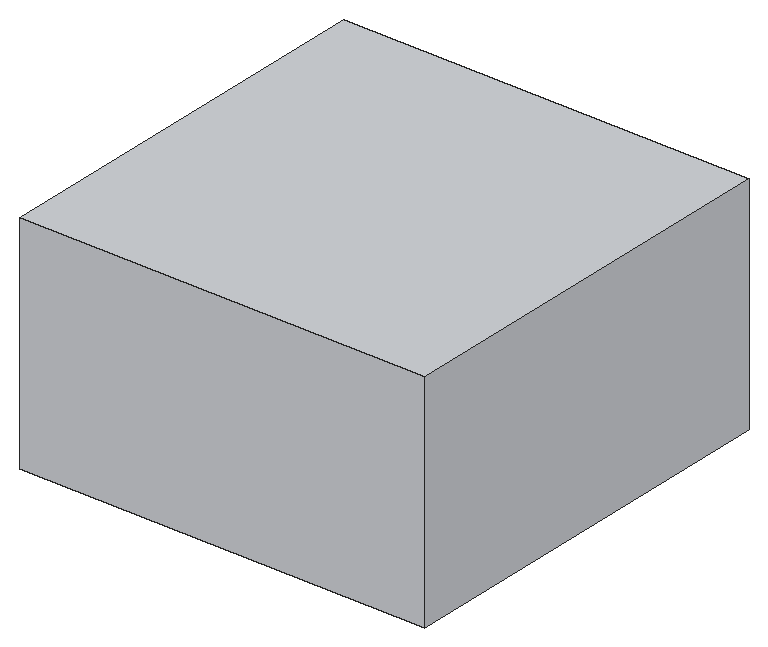
Revit family "3df827227c0a402cab36900c3176000d", category Conduit Fittings, Revit 2021
Family settings
  Round Connector Dimension = Use Radius
  Part Type = Cross
  OmniClass Number = 23.80.30.17.11
  OmniClass Title = Conduits
  Work Plane-Based = No
  Always vertical = Yes
  Cut with Voids When Loaded = No
  Shared = No
Parameters (values of type "Standard")
  Width [instance] = Length  # 4 1/2"
  Nominal Radius 4 [instance] = 1/4"
  Nominal Radius 3 [instance] = 1/4"
  Nominal Radius 2 [instance] = 1/4"
  Nominal Radius 1 [instance] = 1/4"
  Nominal Diameter 4 [instance] = Nominal Radius 4 * 2  # 1/2"
  Nominal Diameter 3 [instance] = Nominal Radius 3 * 2  # 1/2"
  Nominal Diameter 2 [instance] = Nominal Radius 2 * 2  # 1/2"
  Nominal Diameter 1 [instance] = Nominal Radius 1 * 2  # 1/2"
  Max Nominal Diameter 34 [instance] = if(Nominal Diameter 3 > Nominal Diameter 4, Nominal Diameter 3, Nominal Diameter 4)  # 1/2"
  Max Nominal Diameter 1234 [instance] = if(Max Nominal Diameter 12 > Max Nominal Diameter 34, Max Nominal Diameter 12, Max Nominal Diameter 34)  # 1/2"
  Max Nominal Diameter 12 [instance] = if(Nominal Diameter 1 > Nominal Diameter 2, Nominal Diameter 1, Nominal Diameter 2)  # 1/2"
  Height [instance] = if(not(Max Nominal Diameter 1234 > 0' 1"), 0' 2 1/2", if(Max Nominal Diameter 1234 < 0' 6", 0' 6", Max Nominal Diameter 1234 * 1.2))  # 2 1/2"
  Length [instance] = if(not(Max Nominal Diameter 1234 > 0' 1"), 0' 4 1/2", 6 * Max Nominal Diameter 1234)  # 4 1/2"
  Default Elevation = 0' - 0"
Reference planes (in)
  plane 1 "Center (Front/Back)": y = 0
  plane 2: z = 0
  plane 3 "Center (Left/Right)": x = 0
  plane 4: x = -2.25
  plane 5: x = 2.25
  plane 6: y = 2.25
  plane 7: y = -2.25
  plane 8: z = 1.25
  plane 9: z = -1.25
Forms (in)
  Extrusion 1, solid
    sketch origin (0, 0, 0) x (1, 0, 0) y (0, 1, 0)
      loop
        line (-2.25, 2.25) -> (-2.25, -2.25) -> (2.25, -2.25) -> (2.25, 2.25) -> (-2.25, 2.25)
    from -1.25 to 1.25
Dimensions and locks (in)
  equal spacing: plane 4, plane 3 "Center (Left/Right)", plane 5
  "Length": plane 4 to plane 5
  equal spacing: plane 6, plane 1 "Center (Front/Back)", plane 7
  "Width": plane 6 to plane 7
  equal spacing: plane 8, plane 2, plane 9
  "Height": plane 8 to plane 9
  aligned and locked: Extrusion 1 sketch curve to plane 6
  aligned and locked: plane 4 to Extrusion 1 sketch curve
  aligned and locked: plane 7 to Extrusion 1 sketch curve
  aligned and locked: Extrusion 1 sketch curve to plane 5
  aligned and locked: Extrusion 1 to plane 9
  aligned and locked: plane 8 to Extrusion 1
Connectors (in)
  cabletrayconduit at (-2.25, 0, 0), diameter 0.5, driven by "Nominal Radius 1"
    settings: on Extrusion 1, index 1, connector width 1' - 0", connector height 1' - 0", connector angle 0.00°, system type 32, placement type 0, profile type 0, connector reference index 2, is primary connector yes, connector utility param no, connector description ""
  cabletrayconduit at (2.25, 0, 0), diameter 0.5, driven by "Nominal Radius 2"
    settings: on Extrusion 1, index 2, connector width 1' - 0", connector height 1' - 0", connector angle 0.00°, system type 32, placement type 0, profile type 0, connector reference index 1, is primary connector no, connector utility param no, connector description ""
  cabletrayconduit at (0, -2.25, 0), diameter 0.5, driven by "Nominal Radius 3"
    settings: on Extrusion 1, index 3, connector width 1' - 0", connector height 1' - 0", connector angle 0.00°, system type 32, placement type 0, profile type 0, connector reference index 4, is primary connector no, connector utility param no, connector description ""
  cabletrayconduit at (0, 2.25, 0), diameter 0.5, driven by "Nominal Radius 4"
    settings: on Extrusion 1, index 4, connector width 1' - 0", connector height 1' - 0", connector angle 0.00°, system type 32, placement type 0, profile type 0, connector reference index 3, is primary connector no, connector utility param no, connector description ""
